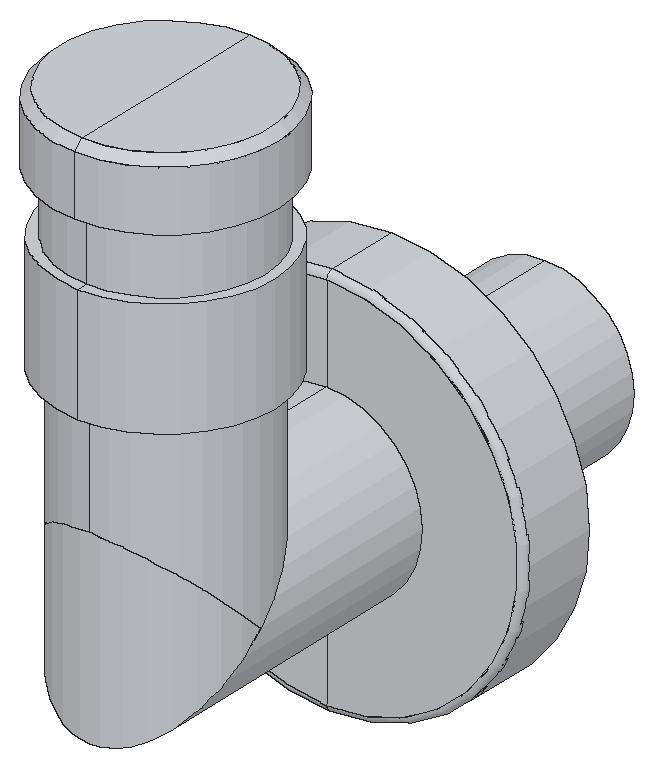
Revit family "PRD_FrankeWS_ShwrFttngsPckg_InstallationSet_ZSHOW0013", category Pipe Fittings, Revit 2018
Family settings
  Round Connector Dimension = Use Diameter
  Part Type = Elbow
  OmniClass Number = 23.45.55.11
  OmniClass Title = Sanitary Components
  Work Plane-Based = No
  Always vertical = Yes
  Cut with Voids When Loaded = Yes
  Shared = No
Parameters (values of type "ZSHOW0013")
  WarrantyStartDate [instance] = "1900-12-31T23:59:59"
  WarrantyGuarantorParts = "n/a"
  WarrantyGuarantorLabor = "n/a"
  WarrantyDurationUnit = "year"
  WarrantyDurationParts = "n/a"
  WarrantyDurationLabor = "n/a"
  WarrantyDescription = "n/a"
  Version = "1"
  Uniclass2015Version = "Products v1.23"
  Uniclass2015Title = "Shower fittings package"
  Uniclass2015Code = "Pr_40_20_87_75"
  URL = "www.kwc.com"
  TypeOfShowerPipe = "n/a"
  TypeOfConnection = "n/a"
  Type = "n/a"
  TailorMade = "No"
  TagNumber [instance] = "n/a"
  SustainabilityPerformance = "n/a"
  Status = "New"
  Size = "n/a"
  Shape = "n/a"
  SerialNumber [instance] = "n/a"
  Revision = "n/a"
  ReplacementCost = "n/a"
  Reference = "n/a"
  QuantityUom = "Pieces"
  Quantity = "2"
  ProductInformation = "https://pim.kwc.com/product/2030008547/attachment/datasheet?locale=en"
  ProductCode = "n/a"
  NominalWidth = 0 mm
  NominalLength = 0 mm
  NominalHeight = 0 mm
  NominalDepth = 0 mm
  NetWeight = 0.24 kg
  Name = "Installation set ZSHOW0013"
  NBSTypeID = "n/a"
  NBSReference = "45-35-70/330"
  NBSOfficeMasterTag = "n/a"
  NBSNote = "n/a"
  NBSDescription = "Shower fittings package"
  NBSCertification = "n/a"
  ModelReference = "ZSHOW0013"
  ModelNumber = "2030008547"
  Model = ModelReference  # "ZSHOW0013"
  Material = "n/a"
  ManufacturerURL = "www.kwc.com"
  ManufacturerName = "KWC Group AG"  # constant formula
  Manufacturer = ManufacturerName  # "KWC Group AG"
  IntegralAccessories = "n/a"
  InstallationDate [instance] = "1900-12-31T23:59:59"
  InletSize = "n/a"
  IfcExportType = "USERDEFINED"
  IfcExportAs = "IfcSanitaryTerminalType"
  GrossWeight = 0.25 kg
  Grade = "n/a"
  Finish = "n/a"
  Features = "Consisting of lockable wall angles and rosette"
  ExpectedLife = "n/a"
  DurationUnit = "year"
  DiameterNominal2 = 20.0 mm
  DiameterNominal1 = 15.0 mm
  Description = "Installation set for water from the wall above the SMARTWAVE shower panel. Consisting of lockable wall angles and rosette."
  CreatedOn = "05/2022"  # constant formula
  Constituents = "n/a"
  Color = "n/a"
  CodePerformance = "n/a"
  Category = "Pr_40_20_87_75, Shower fittings package"
  BodyMaterial = none
  BarCode [instance] = "n/a"
  BIMObjectName = "PRD_AR_ShowerFittingsPackage_InstallationSet_ZSHOW0013"
  Author = "Archispace"  # constant formula
  AssetType = "Fixed"
  AssetIdentifier [instance] = "n/a"
  AccessibilityPerformance = "n/a"
Reference planes
  plane 1 "Center (Front/Back)": y = 0
  plane 2: z = 0
  plane 3 "Center (Left/Right)": x = 0
Forms (mm)
  Revolve 1, solid, material <- "BodyMaterial", detail levels fine
    sketch origin (0, 0, 0) x (0, 1, 0) y (0, 0, 1)
      loop
        line (0, 52.5) -> (0, -11) -> (11, -11) -> (11, 23.5) -> (12.75, 23.5) -> (12.75, 37) -> (11.5, 37) -> (11.5, 44.5) -> (13.22, 44.5) -> (13.22, 51.5) -> (12.22, 52.5) -> (0, 52.5)
      axis (0, 52.5) -> (0, -11)
    angle from 0 to 360
  Revolve 2, solid, material <- "BodyMaterial", detail levels fine
    sketch origin (0, 0, 0) x (0, 1, 0) y (0, 0, 1)
      loop
        line (-11, 0) -> (55, 0) -> (55, 10.275) -> (32.774, 10.275) -> (32.774, 22.9) -> (24.2, 22.9)
        arc (24.2, 22.9) -> (23.634, 22.666) -> (23.4, 22.1) r 0.8
        line (23.4, 22.1) -> (23.4, 11) -> (-11, 11) -> (-11, 0)
      axis (-11, 0) -> (55, 0)
    angle from 0 to 360
  Extrusion 3, void
    sketch origin (0, 0, 0) x (1, 0, 0) y (0, 0, 1)
      loop
        line (-11, 0) -> (-11, -13.161) -> (11, -13.161) -> (11, 0)
        arc (11, 0) -> (0, -11) -> (-11, 0) r 11
    from -12.199 to 11
  Extrusion 4, void
    sketch origin (0, 0, 0) x (1, 0, 0) y (0, 1, 0)
      loop
        line (-11, 0) -> (-11, -13) -> (11, -13) -> (11, 0)
        arc (11, 0) -> (0, -11) -> (-11, 0) r 11
    from -12.515 to 14.754
Cuts and joins
  Extrusion 3 cuts Revolve 1
  Extrusion 4 cuts Revolve 2
  joined: Revolve 1, Revolve 2
Lines and regions (mm)
  model lines, detail levels coarse+medium
    curve 1: line (0, 0, 52.5) -> (0, 0, 0)
    curve 2: line (0, 0, 0) -> (0, 55, 0)
    curve 3: line (0, 55, 10) -> (0, 55, -10)
    curve 4: line (0, 7.5, 52.5) -> (0, -7.5, 52.5)
Dimensions and locks
  aligned and locked: level to plane 2
  aligned and locked: plane 1 "Center (Front/Back)" to curve 2
  aligned and locked: level to curve 1
  aligned and locked: curve 1 to plane 1 "Center (Front/Back)"
  aligned and locked: level to curve 2
Connectors
  piping at (0, 0, 52.5), diameter 20, driven by "DiameterNominal2"
    settings: on cut or joined group of Revolve 1, Revolve 2, Extrusion 3, Extrusion 4, index 1, connector inside diameter 609.6 mm, connector length 0 mm, flow factor 0, pipe flow 0.0 L/s, pressure drop 0.0 Pa, fitting loss kfactor 0, connector angle 90.00°, fixture units 0, engagement length 0 mm, angle of deflection 0.00°, flow configuration 0, flow direction 0, fitting loss method 0, system type 28, joint type 0, gender type 0, connector reference index 2, connector utility 0, adjustable connector no, is connector primary no, connector description ""
  piping at (0, 55, 0), diameter 15, driven by "DiameterNominal1"
    settings: on cut or joined group of Revolve 1, Revolve 2, Extrusion 3, Extrusion 4, index 2, connector inside diameter 609.6 mm, connector length 0 mm, flow factor 0, pipe flow 0.0 L/s, pressure drop 0.0 Pa, fitting loss kfactor 0, connector angle 0.00°, fixture units 0, engagement length 0 mm, angle of deflection 0.00°, flow configuration 0, flow direction 0, fitting loss method 0, system type 28, joint type 0, gender type 0, connector reference index 1, connector utility 0, adjustable connector no, is connector primary yes, connector description ""
